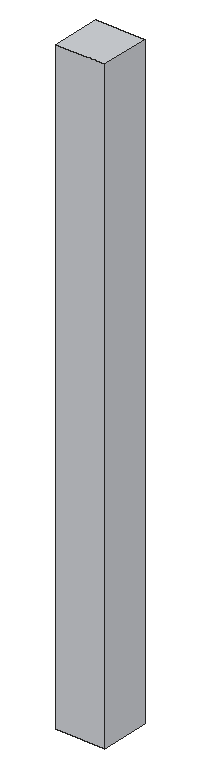
Revit family "BO TRU", category Generic Models, Revit 2025
Family settings
  Can host rebar = No
  Round Connector Dimension = Use Diameter
  Part Type = Normal
  Work Plane-Based = No
  Always vertical = Yes
  Cut with Voids When Loaded = No
  Maintain Annotation Orientation = No
  Shared = No
  Room Calculation Point = No
Parameters
  VATLIEU [instance] = none
  L [instance] = 400 mm
  H [instance] = 5000 mm
  Default Elevation = 0 mm
  B [instance] = 400 mm
Reference planes
  plane 1 "Center (Front/Back)": y = 0
  plane 2: z = 0
  plane 3 "Center (Left/Right)": x = 0
  plane 4: z = 5000
  plane 5: y = 200
  plane 6: y = -200
  plane 7: x = -200
  plane 8: x = 200
Forms (mm)
  Sweep 1, solid, material <- "VATLIEU"
    path origin (0, 0, 0) x (0, 1, 0) y (0, 0, 1)
      loop
        line (0, 5000) -> (0, 0)
    profile origin (0, 0, 2500) x (1, 0, 0) y (0, 1, 0)
      loop
        line (-200, 200) -> (-200, -200) -> (200, -200) -> (200, 200) -> (-200, 200)
Dimensions and locks
  equal spacing: plane 7, plane 3 "Center (Left/Right)", plane 8
  equal spacing: plane 5, plane 1 "Center (Front/Back)", plane 6
  "L": plane 5 to plane 6
  "B": plane 7 to plane 8
  "H": plane 4 to level
  aligned and locked: level to plane 2
  aligned and locked: level to Sweep 1 sketch curve
  aligned and locked: plane 4 to Sweep 1 sketch curve
  aligned and locked: plane 5 to Sweep 1 sketch curve
  aligned and locked: Sweep 1 sketch curve to plane 7
  aligned and locked: Sweep 1 sketch curve to plane 6
  aligned and locked: plane 8 to Sweep 1 sketch curve
Automatic sketch dimensions
  Sweep 1 sketch curve to plane 1 "Center (Front/Back)" = 0 mm
